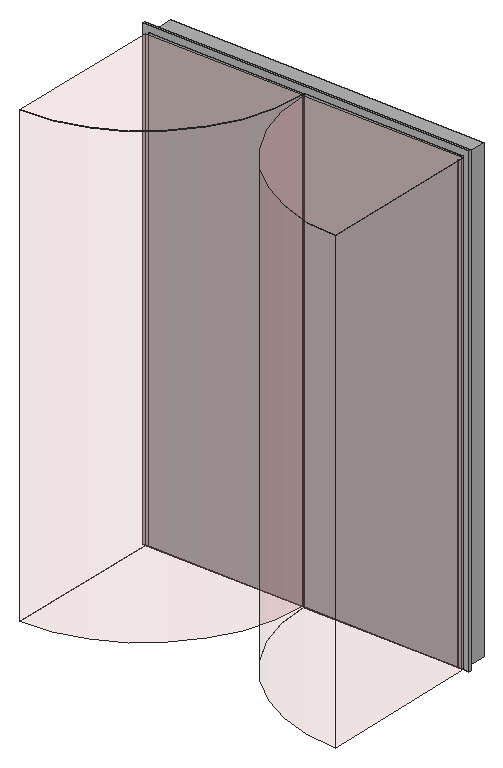
Revit family "ASSA ABLOY - ALPE Sp 60-2, double-leaf, angular frame", category Doors, host Wall, Revit 2021
Family settings
  Host = Wall
  OmniClass Number = 23.30.10.00
  OmniClass Title = Doors
  Always vertical = Yes
  Cut with Voids When Loaded = No
  Shared = No
  Room Calculation Point = No
Parameters (values of type "1250 x 2000 (1255 x 2009)")
  URL = "https://www.assaabloy.com/pl/pl"
  Type Comments = "Door leaf made of two pressed galvanised steel sheets 1,25mm thick. Filled with mineral wool glued to the sheets with polyurethane adhesive. Door with 3-sided thin rebate."
  Rough Width Real = Width Round + Rough Width Conversion + Rough Width Adjustment  # 1385.000 mm
  Rough Height Real = Height Round + Rough Height Conversion + Rough Height Adjustment  # 2041.000 mm
  Rough Width Conversion = 135.000 mm  # constant formula
  Rough Width Adjustment = 0.000 mm  # constant formula
  Rough Height Conversion = 41.000 mm  # constant formula
  Rough Height Adjustment = 0.000 mm  # constant formula
  Passive Symbol Radius [instance] = Passive Leaf Width + 13.500 mm  # 695.500 mm
  Passive Leaf Width [instance] = Rough Width Real - Middle Post - 4.000 mm  # 682.000 mm
  Opening Zone [instance] = yes
  Model = "Doorset_Steel fireproof door EI60/ Access control_ASSA ABLOY Opening Solutions_Hardware 3D"
  Middle Post [instance] = Active Leaf Clear Passage Width + 120.000 mm  # 699.000 mm
  Hinges Material = Default steel
  HW Item 9 = "2x PBE011: panic device (EN1125), type A (crossbar)_ABLOY"
  HW Item 8 = "1x SK6 Radius: euro profile cylinder_IKON"
  HW Item 14 = "1x 206253: Vercy door stopper, max 120 kg_ASSA ABLOY (option)"
  HW Item 13 = "1x Incedo: Access Control Set_ASSA ABLOY (option)"
  HW Item 12 = "1x HID SIGNO 20: card reader_HID"
  HW Item 11 = "1x A101: carry bar_ ASSA ABLOY"
  HW Item 10 = "1x Inoxi 3-19K/0421 PZPZ: single U-shape handle on round rosette, class 3 (EN1906), stainless steel; rosette set PZPZ_ABLOY"
  Frame Finish [instance] = ""
  Fire Rating = "EI60"  # constant formula
  Width Round = roundup((Width / 5.000 mm)) * 5.000 mm  # 1250.000 mm
  Thickness = 63.000 mm  # constant formula
  Smoke Rating = "Sa, S200 (optional)"
  Rough Width = Width Round + 5.000 mm + Rough Width Conversion + Rough Width Adjustment  # 1390.000 mm
  Rough Height = Height Round + 9.000 mm + Rough Height Conversion + Rough Height Adjustment  # 2050.000 mm
  Readme = "The actual lintel height is consistent with the Rough Height parameter.\r\nThe final HW Set should be consistent with the function of the door and its  parameters.\r\nHardware mounted on door surface may affect the clear passage opening. For verification, please contact the specification department.\r\nFor the corner door frame installed in a steel structure and plasterboard walls, add 3 cm per each leaf to the width of the Rough Width opening.\r\nIf you would like to change panic device to another one, please contact the specification team to verify opening and new solution compatibility."
  Provider = "ASSA ABLOY Opening Solutions"
  Product Group = "Double-Steel-Access control"
  Name = "Steel fireproof door EI60/ Access control"
  Min Door Width = 1250.000 mm
  Min Door Height = 2000.000 mm
  Mechanical Strength = 4
  Max Door Width = 2440.000 mm
  Max Door Height = 2500.000 mm
  Manufacturer = "ASSA ABLOY"  # constant formula
  IfcExportType = "USERDEFINED"
  IfcExportAs = "IfcDoorType"
  Height Round = roundup((Height / 5.000 mm)) * 5.000 mm  # 2000.000 mm
  Hardware Set = "2.2PL"
  HW Item 7 = "2x EA219: cable 10m"
  HW Item 6 = "2x EA280/ EA281: lead cover"
  HW Item 5 = "1x PE925: passive door package_ABLOY"
  HW Item 4 = "1x PE560: electrically controlled panic mortice lockcase_ABLOY"
  HW Item 3 = "2x A153: mechanical opening damper_ASSA ABLOY (option)"
  HW Item 2 = "1x G461: guide rail with integrated coordinator_ASSA ABLOY"
  HW Item 1 = "2x DC700/ DC500: door closer, Cam-Motion®_ASSA ABLOY"
  Function = Interior
  Height = 2000.000 mm
  Wall Closure = By host
  Width = 1250.000 mm
  Frame Type = "Welded steel corner frame, made of galvanised sheet 1,5mm thick."
  Frame Material = Default steel
  Family name = "2.2_DOORSET_ALPE Sp 60-2_DOUBLE-LEAF_CORNER FRAME_ASSA ABLOY PL"
  Environmental Product Declaration (EPD) = "To be confirmed with Provider"  # constant formula
  Environmental Management System = "To be confirmed with Provider"  # constant formula
  Edition number = "1"
  Door Type = "ALPE Sp 60-2"
  Door Material = Default steel
  Door Finish Push Side [instance] = ""
  Door Finish Pull Side [instance] = ""
  Description = "ALPE Sp 60-2, door leaf made of two pressed galvanised steel sheets 1,25mm thick. Filled with mineral wool glued to the sheets with polyurethane adhesive. Door with 3-sided thin rebate. Stainless steel hinges with 3D regulation. Mechanical durability – class C5 according to PN-EN 16034:2014. Mechanical strength – class 4 according to PN-EN 1192:2001. Welded steel corner frame, made of galvanised sheet 1,5mm thick."
  Date of publishing = ""
  Contact Provider = "https://www.assaabloy.com/pl/pl/solutions/topics/bim-specification/contact"
  Brand = "ASSA ABLOY Mercor Doors Sp. z o. o."  # constant formula
  Author = "www.archispace.pl"
  Active Symbol Radius [instance] = Active Leaf Width + 13.500 mm  # 708.500 mm
  Active Leaf Width [instance] = Middle Post - 4.000 mm  # 695.000 mm
  Active Leaf Clear Passage Width = 579.000 mm
Types (3, lengths in mm): name | Rough Width Real | Rough Height Real | Passive Symbol Radius | Passive Leaf Width | Width Round | Rough Width | Rough Height | Height Round | Height | Width
  1250 x 2000 (1255 x 2009) | 1385.000 | 2041.000 | 695.500 | 682.000 | 1250.000 | 1390.000 | 2050.000 | 2000.000 | 2000.000 | 1250.000
  1800 x 2100 (1805 x 2109) | 1935.000 | 2141.000 | 1245.500 | 1232.000 | 1800.000 | 1940.000 | 2150.000 | 2100.000 | 2100.000 | 1800.000
  2440 x 2500 (2445 x 2509) | 2575.000 | 2541.000 | 1885.500 | 1872.000 | 2440.000 | 2580.000 | 2550.000 | 2500.000 | 2500.000 | 2440.000
Reference planes
  plane 1: y = 0
  plane 2 "Center (Left/Right)": x = 0
  plane 3: z = 2041
  plane 4 "Exterior": y = 120
  plane 5 "Interior": y = -120
  plane 6: x = -692.5
  plane 7: x = 692.5
  plane 8: z = 2000
  plane 9: y = -129
  plane 10: x = -6.5
  plane 11: y = -65
  plane 12: y = -51
  plane 13: y = -9
  plane 14: y = -11.5
  plane 15: z = 2024
  plane 16: x = 675.1
  plane 17: x = -675.1
  plane 18: x = 651.5
  plane 19: x = -651.5
  plane 20: x = -24.7
  plane 21: x = 11.7
  plane 22: y = -137
  plane 23: x = -705
  plane 24: x = 705
  plane 25: z = 5
  plane 26: x = -695
  plane 27: x = 695
  plane 28: z = 2050
  plane 29: z = 2040
Forms (mm)
  Sweep 1, solid, material "Default steel" <- "Frame Material"
    path origin (0, -120, 0) x (1, 0, 0) y (0, 0, 1)
      loop
        line (-692.5, 0) -> (-692.5, 2041) -> (692.5, 2041) -> (692.5, 0)
    profile origin (-692.5, -120, 1020.5) x (-1, 0, 0) y (0, -1, 0)
      loop
        line (30, 0) -> (30, 9) -> (-12, 9) -> (-12, -69) -> (-19, -69) -> (-19, -55) -> (-41, -55) -> (-41, -111) -> (-8, -111) -> (-8, -108.5) -> (0, -108.5) -> (0, 0) -> (30, 0)
  Sweep 2, solid, material "Default steel" <- "Door Material"
    path origin (-5000, -120, 0) x (1, 0, 0) y (0, 0, 1)
      loop
        line (4324.9, 5) -> (4324.9, 2023.6) -> (4972.3, 2023.6) -> (4972.3, 5)
    profile origin (-351.4, -120, 2023.6) x (0, 0, 1) y (0, -1, 0)
      loop
        line (0, 12.4) -> (0, 10) -> (19, 10) -> (19, 12.4) -> (0, 12.4)
  Sweep 3, solid, material "Default steel" <- "Door Material"
    path origin (0, -120, 0) x (1, 0, 0) y (0, 0, 1)
      loop
        line (0, 5) -> (0, 2023.6)
    profile origin (0, -120, 1014.3) x (-1, 0, 0) y (0, -1, 0)
      loop
        line (675.1, -50.6) -> (675.1, 12.4) -> (24.7, 12.4) -> (24.7, -50.6) -> (675.1, -50.6)
  Sweep 4, solid, material "Opening zone", visible <- "Opening Zone"
    path origin (-5600, 0, 0) x (-1, 0, 0) y (0, 0, 1)
      loop
        line (-5600, 5) -> (-5600, 2040)
    profile origin (0, 0, 1022.5) x (1, 0, 0) y (0, 1, 0)
      loop
        line (-705, -137) -> (-705, -832.5)
        arc (-705, -832.5) -> (-213.207, -628.793) -> (-9.5, -137) r 695.5
        line (-9.5, -137) -> (-705, -137)
  Sweep 5, solid, material "Default steel" <- "Frame Material"
    path origin (0, -120, 0) x (1, 0, 0) y (0, 0, 1)
      loop
        line (-6.5, 5) -> (-6.5, 2000)
    profile origin (-6.5, -120, 1002.5) x (-1, 0, 0) y (0, -1, 0)
      loop
        line (18.2, 10) -> (6, 10) -> (-2, 7) -> (-12.8, 7) -> (-12.8, -52.2) -> (-27.5, -52.2) -> (-27.5, -63) -> (-42.5, -63) -> (-42.5, -52.2) -> (-45, -52.2) -> (-45, -72.8) -> (39, -72.8) -> (39, -50.6) -> (18.2, -50.6) -> (18.2, 10)
  Sweep 6, solid, material "Default steel" <- "Door Material"
    path origin (-4260, -120, 0) x (1, 0, 0) y (0, 0, 1)
      loop
        line (4274.7, 5) -> (4274.7, 2023.6) -> (4935.1, 2023.6) -> (4935.1, 5)
    profile origin (344.9, -120, 2023.6) x (0, 0, 1) y (0, -1, 0)
      loop
        line (0, 12.4) -> (0, 10) -> (19, 10) -> (19, 12.4) -> (0, 12.4)
  Sweep 7, solid, material "Default steel" <- "Door Material"
    path origin (740, -120, 0) x (1, 0, 0) y (0, 0, 1)
      loop
        line (-746.5, 5) -> (-746.5, 2023.6)
    profile origin (-6.5, -120, 1014.3) x (-1, 0, 0) y (0, -1, 0)
      loop
        line (-681.6, -50.6) -> (-18.2, -50.6) -> (-18.2, 12.4) -> (-681.6, 12.4) -> (-681.6, -50.6)
  Sweep 8, solid, material "Opening zone", visible <- "Opening Zone"
    path origin (5600, 0, 0) x (1, 0, 0) y (0, 0, -1)
      loop
        line (-5600, -5) -> (-5600, -2040)
    profile origin (0, 0, 1022.5) x (1, 0, 0) y (0, 1, 0)
      loop
        line (705, -137) -> (-3.5, -137)
        arc (-3.5, -137) -> (204.015, -637.985) -> (705, -845.5) r 708.5
        line (705, -845.5) -> (705, -137)
Cuts and joins
  joined: Sweep 2, Sweep 3
  joined: Sweep 1, Sweep 5
  joined: Sweep 6, Sweep 7
Lines and regions (mm)
  Masking region 1, detail levels fine
    outline origin (-1132.682, -300, 2037) x (-1, 0, 0) y (0, -1, 0)
      loop
        line (-481.182, -235) -> (-481.182, -291) -> (-448.182, -291) -> (-448.182, -288.5) -> (-440.182, -288.5) -> (-440.182, -180) -> (-410.182, -180) -> (-410.182, -171) -> (-452.182, -171) -> (-452.182, -249) -> (-459.182, -249) -> (-459.182, -235) -> (-481.182, -235)
      loop
        line (-1784.182, -235) -> (-1806.182, -235) -> (-1806.182, -249) -> (-1813.182, -249) -> (-1813.182, -171) -> (-1855.182, -171) -> (-1855.182, -180) -> (-1825.182, -180) -> (-1825.182, -288.5) -> (-1815.182, -288.5) -> (-1815.182, -291) -> (-1784.182, -291) -> (-1784.182, -235)
  Masking region 2, detail levels medium
    outline origin (-1132.682, -300, 2037) x (-1, 0, 0) y (0, -1, 0)
      loop
        line (-481.182, -171) -> (-481.182, -291) -> (-440.182, -291) -> (-440.182, -180) -> (-410.182, -180) -> (-410.182, -171) -> (-481.182, -171)
      loop
        line (-1784.182, -171) -> (-1855.182, -171) -> (-1855.182, -180) -> (-1825.182, -180) -> (-1825.182, -291) -> (-1784.182, -291) -> (-1784.182, -171)
  Masking region 3, detail levels fine
    outline origin (-1132.682, -300, 2037) x (-1, 0, 0) y (0, -1, 0)
      loop
        circle (-427.682, -163) r 11
      loop
        circle (-1837.682, -163) r 11
  Opening 1
    outline origin (-5000, -120, 0) x (1, 0, 0) y (0, 0, 1)
      loop
        line (4305, 2050) -> (4305, 0) -> (5695, 0) -> (5695, 2050) -> (4305, 2050)
  symbolic lines, style "Elevation Swing"
    curve 1: line (-9.5, -120, 1020.5) -> (-651.5, -120, 2000)
    curve 2: line (-9.5, -120, 1020.5) -> (-651.5, -120, 5)
    curve 3: line (-3.5, -120, 1020.5) -> (651.5, -120, 2000)
    curve 4: line (-3.5, -120, 1020.5) -> (651.5, -120, 5)
Text (mm)
  text "Exterior" at (-1376.75, 1099.543, 0), in view "Ref. Level"
  text "Exterior" at (0, 1615.38, 3698.081), in view "Left"
  text "Exterior" at (0, 1036.032, 3874.932), in view "Right"
Dimensions and locks
  "Rough Height Real": plane 3 to host wall
  equal spacing: host wall, curve 2, plane 3
  host wall to plane 3 = 2041.000 mm
  locked: plane 4 "Exterior" to host wall
  locked: plane 5 "Interior" to host wall
  equal spacing: plane 6, plane 2 "Center (Left/Right)", plane 7
  "Rough Width Real": plane 6 to plane 7
  "Height": plane 8 to level
  locked: Masking region 1 sketch curve to plane 6 at 30
  locked: plane 6 to Masking region 1 sketch curve at 12
  locked: plane 9 to plane 5 "Interior" at 9
  plane 5 "Interior" to plane 11 = 55.000 mm
  locked: plane 11 to plane 12 at 14
  locked: plane 12 to plane 14 at 39.5
  locked: plane 13 to plane 14 at 2.5
  locked: plane 6 to Masking region 1 sketch curve at 8
  locked: plane 6 to Masking region 1 sketch curve at 19
  locked: Masking region 2 sketch curve to plane 6 at 30
  locked: plane 7 to Masking region 2 sketch curve at 30
  locked: plane 7 to Masking region 1 sketch curve at 30
  locked: Masking region 1 sketch curve to plane 7 at 12
  locked: Masking region 1 sketch curve to Masking region 1 sketch curve at 22
  locked: Masking region 1 sketch curve to plane 7 at 10
  locked: plane 6 to plane 17 at 17.4
  locked: plane 16 to plane 7 at 17.4
  locked: plane 3 to plane 15 at 17
  plane 18 to plane 7 = 41.000 mm
  locked: plane 6 to plane 19 at 41
  locked: plane 20 to plane 10 at 18.2
  locked: plane 10 to plane 21 at 18.2
  "Middle Post": plane 10 to plane 7
  locked: plane 22 to plane 5 "Interior" at 17
  locked: plane 7 to plane 24 at 12.5
  locked: plane 23 to plane 6 at 12.5
  equal spacing: plane 3, curve 4, level
  locked: plane 25 to level at 5
  equal spacing: plane 26, plane 2 "Center (Left/Right)", plane 27
  "Rough Width": plane 26 to plane 27
  "Rough Height": plane 28 to level
  locked: plane 3 to plane 29 at 1
  locked: plane 9 to plane 13 at 120
  plane 22 to nested 1 = 9.500 mm
  locked: Sweep 2 sketch curve to profile plane at 10
  cut or joined group of Sweep 2, Sweep 3 to plane 5 "Interior" = 12.400 mm
  locked: Sweep 3 sketch curve to Sweep 3 sketch curve at 63
  locked: plane 22 to Sweep 6 sketch curve at 4.6
  locked: Sweep 6 sketch curve to Sweep 6 sketch curve at 2.4
  locked: Sweep 7 sketch curve to plane 22 at 4.6
  locked: Sweep 7 sketch curve to Sweep 7 sketch curve at 63
  locked: plane 15 to Sweep 3 sketch curve at 0.4
  locked: Sweep 2 sketch curve to plane 15 at 0.4
  locked: Sweep 2 sketch curve to Sweep 2 sketch curve at 19
  locked: plane 15 to Sweep 7 sketch curve at 0.4
  locked: Sweep 6 sketch curve to Sweep 6 sketch curve at 19
  locked: Sweep 2 sketch curve to plane 20 at 3
  locked: Sweep 6 sketch curve to plane 21 at 3
  locked: plane 15 to Sweep 6 sketch curve at 0.4
  locked: plane 20 to Sweep 5 sketch curve at 31
  locked: Sweep 5 sketch curve to Sweep 5 sketch curve at 22.2
  "Passive Symbol Radius": radius of Sweep 4 sketch curve
  "Active Symbol Radius": radius of Sweep 8 sketch curve
  aligned and locked: plane 1 to host wall
  aligned and locked: level to Sweep 1 sketch curve  (x2)
  aligned and locked: Sweep 1 sketch curve to plane 6
  aligned and locked: plane 7 to Sweep 1 sketch curve
  aligned and locked: plane 2 "Center (Left/Right)" to Sweep 3 sketch curve
  aligned and locked: nested 1 to plane 2 "Center (Left/Right)"
  aligned and locked: plane 5 "Interior" to Masking region 1 sketch curve
  aligned and locked: Masking region 1 sketch curve to plane 6
  aligned and locked: plane 9 to Masking region 1 sketch curve
  aligned and locked: Masking region 1 sketch curve to plane 11
  aligned and locked: Masking region 1 sketch curve to plane 12
  aligned and locked: plane 14 to Masking region 1 sketch curve
  aligned and locked: Masking region 1 sketch curve to plane 13
  aligned and locked: plane 9 to Masking region 2 sketch curve
  aligned and locked: Masking region 2 sketch curve to plane 13
  aligned and locked: Masking region 2 sketch curve to plane 9
  aligned and locked: plane 13 to Masking region 2 sketch curve
  aligned and locked: Masking region 2 sketch curve to plane 7
  aligned and locked: Masking region 1 sketch curve to plane 9
  aligned and locked: Masking region 1 sketch curve to plane 5 "Interior"
  aligned and locked: plane 11 to Masking region 1 sketch curve
  aligned and locked: plane 12 to Masking region 1 sketch curve
  aligned and locked: plane 13 to Masking region 1 sketch curve
  aligned and locked: Masking region 1 sketch curve to plane 14
  aligned and locked: plane 3 to Sweep 1 sketch curve
  aligned and locked: Sweep 3 sketch curve to plane 17
  aligned and locked: Sweep 5 sketch curve to plane 10
  aligned and locked: plane 20 to Sweep 3 sketch curve
  aligned and locked: Sweep 7 sketch curve to plane 10
  aligned and locked: Sweep 7 sketch curve to plane 21
  aligned and locked: plane 16 to Sweep 7 sketch curve
  aligned and locked: Sweep 6 sketch curve to plane 16
  aligned and locked: plane 5 "Interior" to nested 1
  aligned and locked: Sweep 4 sketch curve to plane 22
  aligned and locked: plane 23 to Sweep 4 sketch curve
  aligned and locked: plane 2 "Center (Left/Right)" to Sweep 8 sketch curve
  aligned and locked: plane 22 to Sweep 8 sketch curve
  aligned and locked: Sweep 8 sketch curve to plane 24
  aligned and locked: plane 25 to Sweep 5 sketch curve
  aligned and locked: level to Opening 1 sketch curve
  aligned and locked: Opening 1 sketch curve to plane 26
  aligned and locked: Opening 1 sketch curve to plane 27
  aligned and locked: plane 8 to Sweep 5 sketch curve
  aligned and locked: Opening 1 sketch curve to plane 28
  aligned and locked: plane 25 to Sweep 2 sketch curve  (x2)
  aligned and locked: plane 25 to Sweep 6 sketch curve  (x2)
  aligned and locked: plane 29 to Sweep 8 sketch curve
  aligned and locked: plane 25 to Sweep 8 sketch curve
  aligned and locked: plane 29 to Sweep 4 sketch curve
  aligned and locked: plane 25 to Sweep 4 sketch curve
  aligned and locked: plane 2 "Center (Left/Right)" to Sweep 4 sketch curve
  aligned and locked: plane 8 to curve 1
  aligned and locked: plane 19 to curve 1
  aligned and locked: plane 18 to curve 3
  aligned and locked: plane 8 to curve 3
  aligned and locked: plane 19 to curve 2
  aligned and locked: plane 25 to curve 2
  aligned and locked: plane 18 to curve 4
  aligned and locked: plane 25 to curve 4
  aligned and locked: Masking region 1 sketch curve to plane 19
  aligned and locked: plane 22 to Masking region 3 sketch curve  (x2)
  aligned and locked: plane 24 to Masking region 3 sketch curve
  aligned and locked: plane 14 to Sweep 1 sketch curve
  aligned and locked: Sweep 1 sketch curve to plane 19
  aligned and locked: Sweep 1 sketch curve to plane 13
  aligned and locked: Sweep 1 sketch curve to Masking region 1  (x2)
  aligned and locked: plane 12 to Sweep 1 sketch curve
  aligned and locked: plane 11 to Sweep 1 sketch curve
  aligned and locked: cut or joined group of Sweep 2, Sweep 3 to Sweep 5 sketch curve
  aligned and locked: plane 23 to Masking region 3 sketch curve
  aligned and locked: plane 25 to Sweep 3 sketch curve
  aligned and locked: plane 25 to Sweep 7 sketch curve
  aligned and locked: Sweep 2 sketch curve to plane 17
  aligned and locked: Sweep 5 sketch curve to plane 20
  aligned and locked: Masking region 2 sketch curve to plane 19
  aligned and locked: plane 18 to Masking region 2 sketch curve
Automatic sketch dimensions
  Sweep 2 sketch curve to Sweep 2 sketch curve = 2.400 mm
  Masking region 2 sketch curve to plane 6 = 0.000 mm
  host wall to Masking region 2 sketch curve = 0.000 mm  (x2)
  Sweep 1 sketch curve to profile plane = 0.000 mm
  plane 5 "Interior" to Sweep 1 sketch curve = 0.000 mm
  profile plane to Sweep 1 sketch curve = 12.000 mm
  Sweep 1 sketch curve to Sweep 1 sketch curve = 30.000 mm
  plane 5 "Interior" to Sweep 1 sketch curve = 9.000 mm
  Masking region 1 sketch curve to plane 7 = 0.000 mm
  Sweep 5 sketch curve to Sweep 5 sketch curve = 2.500 mm
  profile plane to Sweep 5 sketch curve = 2.000 mm
  Sweep 5 sketch curve to profile plane = 6.000 mm
  Sweep 5 sketch curve to Sweep 5 sketch curve = 20.800 mm
  Sweep 5 sketch curve to Sweep 5 sketch curve = 9.800 mm
  Sweep 5 sketch curve to Sweep 5 sketch curve = 10.800 mm  (x2)
  plane 5 "Interior" to Sweep 5 sketch curve = 7.000 mm
  Sweep 5 sketch curve to Sweep 5 sketch curve = 3.000 mm
  plane 10 to curve 2 = 3.000 mm
  curve 3 to plane 10 = 3.000 mm
  Masking region 1 sketch curve to plane 18 = 0.000 mm
  Sweep 5 sketch curve to Sweep 5 sketch curve = 15.000 mm
  Sweep 5 sketch curve to Sweep 5 sketch curve = 14.700 mm
  Sweep 3 sketch curve to plane 5 "Interior" = 50.600 mm
  profile plane to Sweep 2 sketch curve = 0.000 mm
  profile plane to Sweep 6 sketch curve = 0.000 mm
  radius of Masking region 3 sketch curve = 11.000 mm  (x2)
Nested families
  nested 1: "Detail_Door symbol" at (0, -120, 2037), type "Detail_Door symbol"
Definition of nested family "Detail_Door symbol"
  Parameters (values of type "Detail_Door symbol")
    Rough Width = 1385.000 mm
    Passive Symbol Radius = 695.500 mm
    Passive Leaf Width = 682.000 mm
    Middle Post = 699.000 mm
    Active Symbol Radius = 708.500 mm
    Active Leaf Width = 695.000 mm
  Reference planes
    plane 1 "Center (Front/Back)": y = 0
    plane 2: z = 0
    plane 3 "Center (Left/Right)": x = 0
    plane 4: x = -692.5
    plane 5: y = -17
    plane 6: x = -705
    plane 7: y = -26.5
    plane 8: y = -45.5
    plane 9: y = -692.5
    plane 10: y = -708.5
    plane 11: x = -700.4
    plane 12: x = -697.25
    plane 13: x = -637.4
    plane 14: x = 692.5
    plane 15: y = -17
    plane 16: x = 705
    plane 17: y = -26.5
    plane 18: y = -45.5
    plane 19: y = -702.5
    plane 20: y = -721.5
    plane 21: x = 700.4
    plane 22: x = 698
    plane 23: x = 637.4
    plane 24: y = -672.5
    plane 25: y = -756.5
    plane 26: y = -723.5
    plane 27: x = -615.2
    plane 28: x = -614.95
  Lines and regions (mm)
    Filled region 1, type "Solid Fill - White", in view "Ref. Level", detail levels fine
      outline origin (28.5, 43.059, 0) x (1, 0, 0) y (0, 1, 0)
        loop
          line (-728.9, -69.559) -> (-728.9, -751.559) -> (-725.75, -751.559) -> (-725.75, -735.559) -> (-665.9, -735.559) -> (-665.9, -88.559) -> (-725.75, -88.559) -> (-725.75, -69.559) -> (-728.9, -69.559)
    Filled region 2, type "Solid Fill - White", in view "Ref. Level", detail levels medium
      outline origin (-271.5, 43.059, 0) x (1, 0, 0) y (0, 1, 0)
        loop
          line (-428.9, -69.559) -> (-428.9, -751.559) -> (-365.9, -751.559) -> (-365.9, -69.559) -> (-428.9, -69.559)
    Filled region 3, type "Solid Fill - White", in view "Ref. Level", detail levels fine
      outline origin (-28.5, 43.059, 0) x (0, 1, 0) y (-1, 0, 0)
        loop
          arc (-70.259, -728.9) -> (-69.764, -728.695) -> (-69.559, -728.2) r 0.7
          line (-69.559, -728.2) -> (-69.559, -727.2)
          arc (-69.559, -727.2) -> (-69.764, -726.705) -> (-70.259, -726.5) r 0.7
          line (-70.259, -726.5) -> (-88.559, -726.5) -> (-88.559, -665.9) -> (-745.559, -665.9) -> (-745.559, -726.5) -> (-764.559, -726.5) -> (-764.559, -728.9) -> (-70.259, -728.9)
    Filled region 4, type "Solid Fill - White", in view "Ref. Level", detail levels fine
      outline origin (28.5, -61.941, 0) x (1, 0, 0) y (0, 1, 0)
        loop
          line (-663.4, -694.559) -> (-643.7, -694.559) -> (-643.7, -610.559) -> (-665.9, -610.559) -> (-665.9, -630.559) -> (-724.75, -630.559) -> (-724.75, -643.559) -> (-721.75, -651.559) -> (-721.75, -661.559) -> (-662.15, -661.559) -> (-662.15, -672.559) -> (-664.4, -672.059) -> (-664.4, -675.059) -> (-652.9, -675.059) -> (-652.9, -690.059) -> (-663.4, -690.059) -> (-663.4, -694.559)
    Filled region 5, type "Solid Fill - White", in view "Ref. Level", detail levels medium
      outline origin (183.5, -61.941, 0) x (1, 0, 0) y (0, 1, 0)
        loop
          line (-820.9, -610.559) -> (-820.9, -694.559) -> (-798.7, -694.559) -> (-798.7, -610.559) -> (-820.9, -610.559)
    Filled region 6, type "Solid Fill - White", in view "Ref. Level", detail levels medium
      outline origin (271.5, 43.059, 0) x (0, 1, 0) y (-1, 0, 0)
        loop
          line (-69.559, -428.9) -> (-69.559, -365.9) -> (-764.559, -365.9) -> (-764.559, -428.9) -> (-69.559, -428.9)
    detail lines, in view "Ref. Level"
      curve 1: arc (-705, -712.5, 0) -> (-213.207, -508.793, 0) -> (-9.5, -17, 0) r 695.5
      curve 3: arc (705, -725.5, 0) -> (204.015, -517.985, 0) -> (-3.5, -17, 0) r 708.5
    detail lines, in view "Ref. Level", detail levels coarse
      curve 2: line (-705, -712.5, 0) -> (-705, -17, 0)
      curve 4: line (705, -725.5, 0) -> (705, -17, 0)
  Dimensions and locks
    locked: plane 10 to plane 9 at 16
    "Passive Leaf Width": plane 10 to plane 7
    plane 11 to plane 4 = 7.900 mm
    locked: plane 12 to plane 4 at 4.75
    locked: plane 11 to plane 13 at 63
    locked: plane 1 "Center (Front/Back)" to plane 5 at 17
    locked: plane 6 to plane 4 at 12.5
    locked: plane 1 "Center (Front/Back)" to plane 7 at 26.5
    locked: plane 7 to plane 8 at 19
    "Rough Width": plane 4 to plane 14
    equal spacing: plane 4, plane 3 "Center (Left/Right)", plane 14
    locked: plane 20 to plane 19 at 19
    "Active Leaf Width": plane 20 to plane 17
    plane 22 to plane 14 = 5.500 mm
    locked: plane 21 to plane 23 at 63
    locked: plane 1 "Center (Front/Back)" to plane 15 at 17
    locked: plane 16 to plane 14 at 12.5
    locked: plane 1 "Center (Front/Back)" to plane 17 at 26.5
    locked: plane 17 to plane 18 at 19
    locked: plane 26 to plane 10 at 15
    locked: plane 26 to plane 25 at 33
    locked: plane 10 to plane 24 at 36
    locked: plane 13 to plane 27 at 22.2
    locked: plane 27 to plane 28 at 0.25
    locked: plane 21 to plane 16 at 4.6
    locked: plane 22 to plane 21 at 2.4
    locked: plane 6 to plane 11 at 4.6
    "Passive Symbol Radius": radius of curve 1
    "Active Symbol Radius": radius of curve 3
    aligned and locked: plane 6 to curve 1
    aligned and locked: plane 5 to curve 1
    aligned and locked: plane 11 to Filled region 1 sketch curve
    aligned and locked: Filled region 1 sketch curve to plane 10
    aligned and locked: Filled region 1 sketch curve to plane 12  (x2)
    aligned and locked: plane 9 to Filled region 1 sketch curve
    aligned and locked: Filled region 1 sketch curve to plane 13
    aligned and locked: Filled region 1 sketch curve to plane 7
    aligned and locked: plane 8 to Filled region 1 sketch curve
    aligned and locked: Filled region 2 sketch curve to plane 7
    aligned and locked: Filled region 2 sketch curve to plane 10
    aligned and locked: plane 11 to Filled region 2 sketch curve
    aligned and locked: Filled region 2 sketch curve to plane 13
    aligned and locked: curve 3 to plane 16
    aligned and locked: curve 3 to plane 15
    aligned and locked: plane 21 to Filled region 3 sketch curve
    aligned and locked: Filled region 3 sketch curve to plane 20
    aligned and locked: Filled region 3 sketch curve to plane 22  (x2)
    aligned and locked: plane 19 to Filled region 3 sketch curve
    aligned and locked: Filled region 3 sketch curve to plane 23
    aligned and locked: Filled region 3 sketch curve to plane 17
    aligned and locked: plane 18 to Filled region 3 sketch curve
    aligned and locked: plane 24 to Filled region 4 sketch curve
    aligned and locked: plane 9 to Filled region 4 sketch curve
    aligned and locked: Filled region 4 sketch curve to plane 25
    aligned and locked: Filled region 4 sketch curve to plane 27
    aligned and locked: Filled region 4 sketch curve to plane 13
    aligned and locked: plane 24 to Filled region 5 sketch curve
    aligned and locked: Filled region 5 sketch curve to plane 27
    aligned and locked: Filled region 5 sketch curve to plane 25
    aligned and locked: Filled region 5 sketch curve to plane 13
    aligned and locked: plane 17 to Filled region 6 sketch curve
    aligned and locked: Filled region 6 sketch curve to plane 21
    aligned and locked: plane 23 to Filled region 6 sketch curve
    aligned and locked: plane 20 to Filled region 6 sketch curve
    aligned and locked: plane 15 to curve 4
    aligned and locked: curve 4 to plane 16
  Automatic sketch dimensions
    Filled region 4 sketch curve to plane 26 = 0.000 mm
    plane 13 to Filled region 4 sketch curve = 1.500 mm
    plane 10 to Filled region 4 sketch curve = 5.000 mm
    Filled region 4 sketch curve to plane 10 = 3.000 mm
    Filled region 4 sketch curve to Filled region 4 sketch curve = 3.000 mm
    Filled region 4 sketch curve to Filled region 4 sketch curve = 11.000 mm
    Filled region 4 sketch curve to Filled region 4 sketch curve = 15.000 mm
    plane 13 to Filled region 4 sketch curve = 3.750 mm
    plane 25 to Filled region 4 sketch curve = 4.500 mm
    plane 12 to Filled region 4 sketch curve = 1.000 mm
    Filled region 4 sketch curve to plane 4 = 0.750 mm
    Filled region 4 sketch curve to Filled region 4 sketch curve = 11.500 mm
    plane 13 to Filled region 4 sketch curve = 2.500 mm
    Filled region 3 sketch curve to plane 7 = 0.700 mm  (x2)
    curve 2 to plane 5 = 0.000 mm
